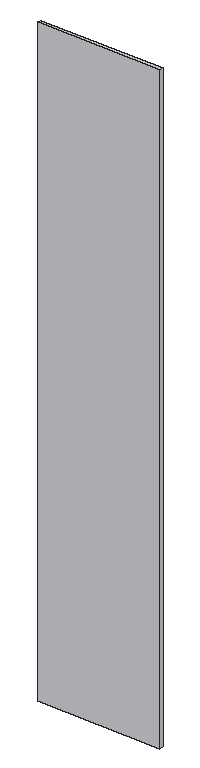
Revit family "BIMSF-Lintel Beam Plate", category Structural Connections, Revit 2024
Family settings
  Material for Model Behavior = Other
  Work Plane-Based = No
  Enable Cutting in Views = No
  Always vertical = Yes
  Cut with Voids When Loaded = No
  Shared = No
Parameters (values of type "400-80-15")
  Width = 80.000 mm
  Weight = 0.00 kgf/m
  Thickness = 2.500 mm
  Reported Length = Height  # 400.000 mm
  Height = 400.000 mm
  BOM_Weight = 0.00 kN
Reference planes
  plane 1 "Center (Front/Back)": y = 0
  plane 2: z = 0
  plane 3 "Center (Left/Right)": x = 0
Forms (mm)
  Extrusion 1, solid
    sketch origin (0, 0, 0) x (1, 0, 0) y (0, 0, 1)
      loop
        line (0, 0) -> (0, -400) -> (80, -400) -> (80, 0) -> (0, 0)
    from -1.25 to 1.25
Dimensions and locks
  "Height": Extrusion 1 sketch curve to Extrusion 1 sketch curve
  "Width": Extrusion 1 sketch curve to Extrusion 1 sketch curve
  equal spacing: Extrusion 1, plane 1 "Center (Front/Back)", Extrusion 1
  "Thickness": Extrusion 1 to Extrusion 1
  aligned and locked: plane 2 to level
  aligned and locked: Extrusion 1 sketch curve to level
Automatic sketch dimensions
  Extrusion 1 sketch curve to plane 3 "Center (Left/Right)" = 0.000 mm
